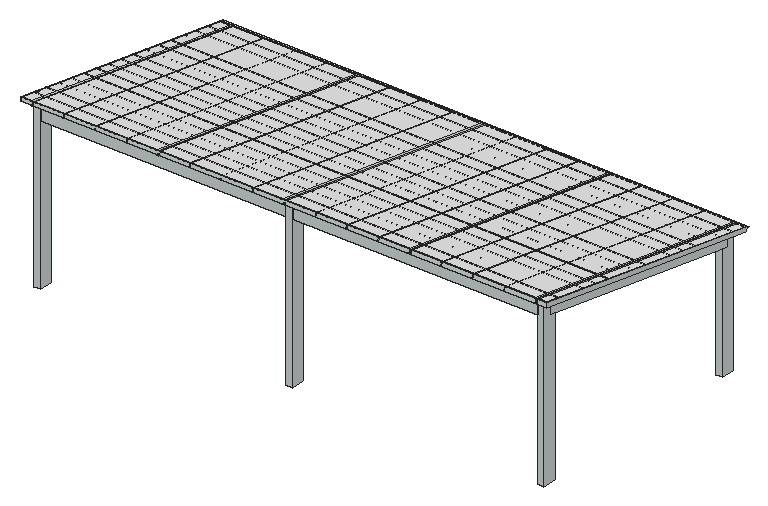
Revit family "Structures Unlimited Free Standing Shed Canopy", category Generic Models, Revit 2018
Family settings
  Can host rebar = No
  Round Connector Dimension = Use Diameter
  Part Type = Normal
  Work Plane-Based = No
  Always vertical = Yes
  Cut with Voids When Loaded = No
  Shared = Yes
  Room Calculation Point = No
Parameters (values of type "KCRF Aluminum #79")
  Real Out To Out Of Box Beams Length [instance] = if(Out To Out Of Box Beams Length < 10' 0", 10' 0", if(Out To Out Of Box Beams Length > 200' 0", 200' 0", Out To Out Of Box Beams Length))  # 32' - 5"
  Out To Out Of Box Beams Span [instance] = 15' - 0"
  Vertical PD [instance] = (Real Out To Out Of Box Beams Span + 0' 10") / cos(Real Roof Pitch)  # 16' - 0.61951"
  URL = "https://www.structuresunlimitedinc.com/sui-3d-details/sui-shed-canopy-wide-column-spacing/"
  Top Girder Offset [instance] = (Real Out To Out Of Box Beams Span - Beam Width) * tan(Real Roof Pitch)  # 2' - 5.15938"
  Roof Pitch [instance] = 9.46°
  Real Out To Out Of Box Beams Span [instance] = if(Out To Out Of Box Beams Span < 10' 0", 10' 0", if(Out To Out Of Box Beams Span > 30' 0", 30' 0", Out To Out Of Box Beams Span))  # 15' - 0"
  Real Roof Pitch [instance] = if(Roof Pitch < 9.46°, 9.46°, if(Roof Pitch > 45.00°, 45.00°, Roof Pitch))  # 9.46°
  Real Column Height [instance] = if(Column Height < 2' 0", 2' 0", if(Column Height > 12' 0", 12' 0", Column Height))  # 8' - 0"
  Center To Center Of Beams [instance] = Real Out To Out Of Box Beams Length - Beam Width  # 32' - 0"
  Panel Offset [instance] = 0' 5" / cos(Real Roof Pitch)  # 0' - 5.06893"
  Outside Of Column [instance] = Beam Height / 2  # 0' - 5"
  Out To Out Of Box Beams Length [instance] = 32' - 5"
  Number Of Intmdt Rafters [instance] = if(Column Spacing = Bay Spacing, Number Of Columns, Number Of Columns * 2 - 1)  # 5
  Number Of Columns [instance] = if((Center To Center Of Beams / Real Nominal Column Spacing) > 1, roundup(Center To Center Of Beams / Real Nominal Column Spacing) + 1, 2)  # 3
  Number Of Bays [instance] = Number Of Intmdt Rafters - 1  # 4
  Real Nominal Column Spacing [instance] = if(Nominal Column Spacing < 5' 0", 5' 0", if(Nominal Column Spacing > 20' 0", 20' 0", Nominal Column Spacing))  # 16' - 0"
  Nominal Column Spacing [instance] = 16' - 0"
  Model = "Free Standing Shed Canopy"
  Manufacturer = "Structures Unlimited, Inc."
  KCRF = KCRF Aluminum #79
  Horizontal PD [instance] = Center To Center Of Beams + Beam Width + 1' 0"  # 33' - 5"
  Horizontal Grid Spacing [instance] = Bay Spacing / Grids Per Bay  # 2' - 0"
  Grids Per Bay [instance] = Bay Spacing / 2' 0"  # 4
  Girder Length [instance] = Center To Center Of Beams - Beam Width  # 31' - 7"
  Even Number Of Horizontal Grids Real [instance] = if(Even Number Of Bays, Even Number Of Bays, Even Number Of Horizontal Grids)  # yes
  Even Number Of Horizontal Grids [instance] = roundup(Grids Per Bay / 2) = rounddown(Grids Per Bay / 2)  # yes
  Even Number Of Bays [instance] = roundup(Number Of Bays / 2) = rounddown(Number Of Bays / 2)  # yes
  Column Spacing [instance] = Center To Center Of Beams / (Number Of Columns - 1)  # 16' - 0"
  Column Height [instance] = 8' - 0"
  Center Of Canopy [instance] = Center To Center Of Beams / 2  # 16' - 0"
  Beam Width [instance] = 0' - 5"  # constant formula
  Beam Height [instance] = 0' - 10"  # constant formula
  Bay Spacing [instance] = if(Column Spacing > 10' 0", Column Spacing * 0.5, Column Spacing)  # 8' - 0"
Reference planes (in)
  plane 1 "Center (Front/Back)": y = 0
  plane 2: z = 0
  plane 3 "Center (Left/Right)": x = 0
  plane 4: z = 0
  plane 5: z = 96
  plane 6: x = 192
  plane 7: y = 5
  plane 8: y = -175
  plane 9 "Roof Plane": through (0, 515.17994, 136.8903) normal (0, 0.1644, 0.9864)
  plane 10: y = -170
  plane 11: z = 125.15938
Lines and regions (in)
  reference lines
    curve 1: line (0, 5, 96) -> (0, -175, 125.9925)
    curve 2: line (0, 5, 96) -> (0, -38.39078, -164.40975)
    curve 3: line (0, 12.07993, 107.64957) -> (0, -59.90932, -324.39389)
Dimensions and locks (in)
  "Real Column Height": plane 5 to plane 4
  "Center Of Canopy": plane 3 "Center (Left/Right)" to plane 6
  "Outside Of Column": plane 1 "Center (Front/Back)" to plane 7
  "Real Out To Out Of Box Beams Span": plane 7 to plane 8
  locked: curve 1 to plane 5
  locked: plane 7 to curve 1 at 0
  locked: plane 8 to curve 1 at 0
  "Outside Of Column": plane 8 to plane 10
  "Top Girder Offset": plane 11 to plane 5
  "Panel Offset": curve 3 to curve 2
  "Real Roof Pitch": angle plane 5 to curve 1
  "Real Roof Pitch": angle plane 2 to plane 9 "Roof Plane"
  "Real Roof Pitch": angle plane 7 to curve 2
  "Real Roof Pitch": angle plane 7 to curve 3
  aligned and locked: plane 2 to level
  aligned and locked: plane 6 to nested 1
  aligned and locked: nested 2 to plane 6
  aligned and locked: plane 11 to nested 2
  aligned and locked: plane 7 to nested 1
  aligned and locked: nested 2 to plane 8
  aligned and locked: plane 5 to nested 1
  aligned and locked: curve 3 to nested 3
  aligned and locked: nested 3 to curve 1
  aligned and locked: nested 3 to plane 6
  aligned and locked: nested 4 to plane 3 "Center (Left/Right)"
  aligned and locked: plane 1 "Center (Front/Back)" to nested 4
  aligned and locked: plane 4 to nested 4
  aligned and locked: nested 5 to plane 3 "Center (Left/Right)"
  aligned and locked: plane 1 "Center (Front/Back)" to nested 5
  aligned and locked: nested 5 to plane 4
  aligned and locked: plane 4 to plane 2
Automatic sketch dimensions
  curve 3 to plane 11 = 1' - 5.50981"
Nested families (in)
  nested 1: "Free Standing Shed Canopy Girder" at (192, 2.5, 86), Beam Height <- "Beam Height", Beam Width <- "Beam Width", CRF <- "KCRF", Girder Length <- "Girder Length", type "Free Standing Shed Canopy Girder"
    with Girder Length 31' - 7", CRF KCRF Aluminum #79, Beam Width 0' - 5", Beam Height 0' - 10"
  nested 2: "Free Standing Shed Canopy Girder" at (192, -172.5, 115.15938), Beam Width <- "Beam Width", Beam Height <- "Beam Height", CRF <- "KCRF", Girder Length <- "Girder Length", type "Free Standing Shed Canopy Girder"
    with Girder Length 31' - 7", CRF KCRF Aluminum #79, Beam Width 0' - 5", Beam Height 0' - 10"
  nested 3: "Free Standing Shed Canopy Panels" at (192, 10, 95.16687) x (-1, 0, 0) z (0, 0.1644, 0.9864), CRF <- "KCRF", Bay Spacing <- "Bay Spacing", Horizontal PD <- "Horizontal PD", Vertical PD <- "Vertical PD", Even Bays <- "Even Number Of Bays", Horizontal Grid Spacing <- "Horizontal Grid Spacing", Even Grids <- "Even Number Of Horizontal Grids Real", type "Free Standing Shed Canopy Panels"
    with Vertical PD 16' - 0.61951", Vertical Grid Spacing 1' - 0", Panel Skin Thickness 0' - 0.063", Panel Angle 90.00°, Overlap Width 0' - 1 3/4", Overlap Offset 0' - 0 7/8", IBeam Width 0' - 0 1/2", IBeam Thickness 0' - 2 5/8", Horizontal PD 33' - 5", Horizontal Grid Spacing 2' - 0", Half IBeam Width 0' - 0 1/4", Half Horizontal PD 16' - 8 1/2", Grid Offset 0' - 0", Even Grids yes, Even Bays yes, CRF KCRF Aluminum #79, Bay Spacing 8' - 0", Batten Width 0' - 2", Batten Thickness 0' - 0 1/8", Batten Offset 0' - 0"
  nested 4: "Free Standing Shed Canopy Column" at (0, 0, 0) x (0, -1, 0) z (0, 0, 1), CRF <- "KCRF", Beam Height <- "Beam Height", Beam Width <- "Beam Width", CTR To CTR Of Beams <- "Center To Center Of Beams", Column Height <- "Real Column Height", Column Spacing <- "Column Spacing", Roof Pitch <- "Real Roof Pitch", Width Of Canopy <- "Real Out To Out Of Box Beams Span", type "Free Standing Shed Canopy Column"
    with Width Of Canopy 15' - 0", Void Width 15' - 7", Void Offset 8' - 0", Roof Pitch 9.46°, Half Beam Width 0' - 2 1/2", Half Beam Height 0' - 5", Column Spacing 16' - 0", Column Height 8' - 0", CTR To CTR Of Beams 32' - 0", CRF KCRF Aluminum #79, Beam Width 0' - 5", Beam Height 0' - 10"
  nested 5: "Free Standing Shed Canopy Rafter" at (0, 0, 0) x (0, -1, 0) z (0, 0, 1), CRF <- "KCRF", Beam Height <- "Beam Height", Beam Width <- "Beam Width", CTR To CTR Of Beams <- "Center To Center Of Beams", Column Height <- "Real Column Height", Column Spacing <- "Bay Spacing", Roof Pitch <- "Real Roof Pitch", Width Of Canopy <- "Real Out To Out Of Box Beams Span", type "Free Standing Shed Canopy Rafter"
    with Width Of Canopy 15' - 0", Void Width 7' - 7", Void Offset 4' - 0", Roof Pitch 9.46°, Half Beam Width 0' - 2 1/2", Half Beam Height 0' - 5", Column Spacing 8' - 0", Column Height 8' - 0", CTR To CTR Of Beams 32' - 0", CRF KCRF Aluminum #79, Beam Width 0' - 5", Beam Height 0' - 10"
Definition of nested family "Free Standing Shed Canopy Girder"
  Parameters (values of type "Free Standing Shed Canopy Girder")
    Girder Length [instance] = 17' - 1"
    CRF [instance] = none
    Beam Width [instance] = 0' - 5"
    Beam Height [instance] = 0' - 10"
  Reference planes (in)
    plane 1 "Center (Front/Back)": y = 0
    plane 2: z = 0
    plane 3 "Center (Left/Right)": x = 0
    plane 4: x = -102.5
    plane 5: x = 102.5
    plane 6: y = -2.5
    plane 7: y = 2.5
    plane 8: z = 10
  Forms (in)
    Extrusion 1, solid, material <- "CRF"
      sketch origin (0, 0, 0) x (0, 1, 0) y (0, 0, 1)
        loop
          line (2.5, 10) -> (-2.5, 10) -> (-2.5, 0) -> (2.5, 0) -> (2.5, 10)
      from -102.5 to 102.5
  Dimensions and locks (in)
    equal spacing: plane 7, plane 1 "Center (Front/Back)", plane 6
    equal spacing: plane 4, plane 3 "Center (Left/Right)", plane 5
    "Beam Width": plane 7 to plane 6
    "Girder Length": plane 4 to plane 5
    "Beam Height": plane 8 to plane 2
    aligned and locked: level to plane 2
    aligned and locked: Extrusion 1 sketch curve to plane 8
    aligned and locked: plane 6 to Extrusion 1 sketch curve
    aligned and locked: Extrusion 1 sketch curve to plane 7
    aligned and locked: plane 2 to Extrusion 1 sketch curve
    aligned and locked: Extrusion 1 to plane 4
    aligned and locked: plane 5 to Extrusion 1
Definition of nested family "Free Standing Shed Canopy Panels"
  Parameters (values of type "Free Standing Shed Canopy Panels")
    Vertical PD [instance] = 14' - 7"
    Vertical Grid Spacing [instance] = 1' - 0"  # constant formula
    Panel Skin Thickness [instance] = 0' - 0.063"  # constant formula
    Panel Angle [instance] = 90.00°
    Overlap Width [instance] = 0' - 1 3/4"  # constant formula
    Overlap Offset [instance] = Overlap Width / 2  # 0' - 0 7/8"
    IBeam Width [instance] = 0' - 0 1/2"  # constant formula
    IBeam Thickness [instance] = 0' - 2 5/8"  # constant formula
    Horizontal PD [instance] = 16' - 8"
    Horizontal Grid Spacing [instance] = 2' - 0"
    Half IBeam Width [instance] = IBeam Width / 2  # 0' - 0 1/4"
    Half Horizontal PD [instance] = Horizontal PD / 2  # 8' - 4"
    Grid Offset [instance] = if(Even Grids, 0' 0", Horizontal Grid Spacing / 2)  # 1' - 0"
    Even Grids [instance] = no
    Even Bays [instance] = no
    Default Elevation = 4' - 0"
    CRF [instance] = none
    Bay Spacing [instance] = 8' - 0"
    Batten Width [instance] = 0' - 2"  # constant formula
    Batten Thickness [instance] = 0' - 0 1/8"  # constant formula
    Batten Offset [instance] = if(Even Bays, 0' 0", Bay Spacing / 2)  # 4' - 0"
  Reference planes (in)
    plane 1 "Center (Front/Back)": y = 0
    plane 2: z = 0
    plane 3 "Center (Left/Right)": x = 0
    plane 4 "Left Panel": x = -100
    plane 5 "Right Panel": x = 100
    plane 6: z = 0.063
    plane 7: z = 2.688
    plane 8: z = 2.751
    plane 9: y = -1.75
    plane 10 "Left Outside": x = -2000
    plane 11 "Right Outside": x = 2000
    plane 12: y = 0.25
    plane 13 "Max Top PD": y = 1080
    plane 14 "Max Left PD": x = -1976
    plane 15 "Max Right PD": x = 1976
    plane 16 "Top Outside": y = 1104
    plane 17: x = -36
    plane 18: x = -60
    plane 19: x = -84
    plane 20: x = -108
    plane 21: x = -132
    plane 22: x = -156
    plane 23: x = -180
    plane 24: x = -204
    plane 25: x = 12
    plane 26: x = 36
    plane 27: x = 60
    plane 28: x = 84
    plane 29: x = 108
    plane 30: x = 132
    plane 31: x = 156
    plane 32: x = 180
    plane 33: x = 204
    plane 34: x = -228
    plane 35: x = -252
    plane 36: x = 228
    plane 37: x = -276
    plane 38: x = -300
    plane 39: x = -324
    plane 40: x = -348
    plane 41: x = -372
    plane 42: x = -396
    plane 43: x = -420
    plane 44: x = 252
    plane 45: x = 276
    plane 46: x = 300
    plane 47: x = 324
    plane 48: x = 348
    plane 49: x = 372
    plane 50: x = 396
    plane 51: y = 12.25
    plane 52: y = 24.25
    plane 53: y = 36.25
    plane 54: y = 48.25
    plane 55: y = 60.25
    plane 56: y = 72.25
    plane 57: y = 84.25
    plane 58: y = 96.25
    plane 59: y = 108.25
    plane 60: z = 2.876
    plane 61: z = -0.125
    plane 62 "Bot Max": y = -36
    plane 63 "Bot Outside": y = -48
    plane 64: x = -444
    plane 65: x = -468
    plane 66: x = 420
    plane 67: x = 444
    plane 68: y = 120.25
    plane 69: y = 132.25
    plane 70: y = 144.25
    plane 71: y = 156.25
    plane 72: y = 168.25
    plane 73: y = 180.25
    plane 74: y = 192.25
    plane 75: y = 204.25
    plane 76: y = 216.25
    plane 77: y = 228.25
    plane 78: y = 240.25
    plane 79: y = 252.25
    plane 80: y = 264.25
    plane 81: y = 276.25
    plane 82: y = 288.25
    plane 83: y = 300.25
    plane 84: y = 312.25
    plane 85: y = 324.25
    plane 86: y = 336.25
    plane 87: y = 348.25
    plane 88: y = 360.25
    plane 89: y = 372.25
    plane 90: y = 384.25
    plane 91: y = 396.25
    plane 92: y = 408.25
    plane 93: y = 420.25
    plane 94: y = 432.25
    plane 95: y = 444.25
    plane 96: y = 456.25
    plane 97: y = 468.25
    plane 98: y = 480.25
    plane 99: y = 492.25
    plane 100: y = 504.25
    plane 101: y = 516.25
    plane 102: y = 528.25
    plane 103: x = -492
    plane 104: x = -516
    plane 105: x = -540
    plane 106: x = -564
    plane 107: x = -588
    plane 108: x = -612
    plane 109: x = -636
    plane 110: x = -660
    plane 111: x = -684
    plane 112: x = -708
    plane 113: x = -732
    plane 114: x = -756
    plane 115: x = 468
    plane 116: x = 492
    plane 117: x = 540
    plane 118: x = 516
    plane 119: x = 564
    plane 120: x = 588
    plane 121: x = 636
    plane 122: x = 612
    plane 123: x = 660
    plane 124: x = 684
    plane 125: x = 708
    plane 126: x = 732
    plane 127: y = 540.25
    plane 128: y = 552.25
    plane 129: y = 564.25
    plane 130: y = 576.25
    plane 131: y = 588.25
    plane 132: y = 600.25
    plane 133: y = 612.25
    plane 134: y = 624.25
    plane 135: y = 636.25
    plane 136: y = 648.25
    plane 137: y = 660.25
    plane 138: y = 684.25
    plane 139: y = 696.25
    plane 140: y = 672.25
    plane 141: y = 708.25
    plane 142: y = 720.25
    plane 143: y = 744.25
    plane 144: y = 732.25
    plane 145: y = 768.25
    plane 146: y = 756.25
    plane 147: y = 780.25
    plane 148: y = 804.25
    plane 149: y = 792.25
    plane 150: y = 816.25
    plane 151: y = 828.25
    plane 152: y = 840.25
    plane 153: y = 852.25
    plane 154: y = 864.25
    plane 155: y = 876.25
    plane 156: y = 888.25
    plane 157: y = 900.25
    plane 158: y = 912.25
    plane 159: y = 936.25
    plane 160: y = 948.25
    plane 161: y = 960.25
    plane 162: y = 924.25
    plane 163: x = -780
    plane 164: x = -804
    plane 165: x = -828
    plane 166: x = -852
    plane 167: x = -876
    plane 168: x = -900
    plane 169: x = -924
    plane 170: x = -948
    plane 171: x = -972
    plane 172: x = 756
    plane 173: x = 780
    plane 174: x = 804
    plane 175: x = 828
    plane 176: x = 852
    plane 177: x = 876
    plane 178: x = 900
    plane 179: x = 924
    plane 180: x = 948
    plane 181: x = -996
    plane 182: x = -1020
    plane 183: x = -1044
    plane 184: x = -1068
    plane 185: x = 972
    plane 186: x = 996
    plane 187: x = 1020
    plane 188: x = 1044
    plane 189: x = -1092
    plane 190: x = -1116
    plane 191: x = -1140
    plane 192: x = -1164
    plane 193: x = 1068
    plane 194: x = 1092
    plane 195: x = 1116
    plane 196: x = 1140
    plane 197: x = -1188
    plane 198: x = -1212
    plane 199: x = -1236
    plane 200: x = 1188
    plane 201: x = 1164
    plane 202: x = 1212
    plane 203: y = 175.25
    plane 204: x = -1200
    plane 205: x = -1104
    plane 206: x = -1008
    plane 207: x = -912
    plane 208: x = -816
    plane 209: x = -720
    plane 210: x = -624
    plane 211: x = -528
    plane 212: x = -432
    plane 213: x = -336
    plane 214: x = -240
    plane 215: x = -144
    plane 216: x = -48
    plane 217: x = 48
    plane 218: x = 144
    plane 219: x = 240
    plane 220: x = 336
    plane 221: x = 432
    plane 222: x = 528
    plane 223: x = 624
    plane 224: x = 720
    plane 225: x = 816
    plane 226: x = 912
    plane 227: x = 1008
    plane 228: x = 1104
    plane 229: x = 1200
    plane 230: x = -12
  Forms (in)
    Extrusion 1, solid
      sketch origin (0, 0, 0) x (1, 0, 0) y (0, 1, 0)
        loop
          line (1976, 0) -> (1976, 1080) -> (-1976, 1080) -> (-1976, 0) -> (1976, 0)
      from 0.063 to 0
    Extrusion 2, solid
      sketch origin (0, 0, 0) x (1, 0, 0) y (0, 1, 0)
        loop
          line (1976, -1.75) -> (1976, 1080) -> (-1976, 1080) -> (-1976, -1.75) -> (1976, -1.75)
      from 2.688 to 2.751
    Sweep 3, solid
      path origin (0, 0, 0) x (1, 0, 0) y (0, 1, 0)
        loop
          line (1976, 1080) -> (1976, 0.25) -> (1212, 0.25) -> (1212, 1080) -> (1188, 1080) -> (1188, 0.25) -> (1164, 0.25) -> (1164, 1080) -> (1140, 1080) -> (1140, 0.25) -> (1116, 0.25) -> (1116, 1080) -> (1092, 1080) -> (1092, 0.25) -> (1068, 0.25) -> (1068, 1080) -> (1044, 1080) -> (1044, 0.25) -> (1020, 0.25) -> (1020, 1080) -> (996, 1080) -> (996, 0.25) -> (972, 0.25) -> (972, 1080) -> (948, 1080) -> (948, 0.25) -> (924, 0.25) -> (924, 1080) -> (900, 1080) -> (900, 0.25) -> (876, 0.25) -> (876, 1080) -> (852, 1080) -> (852, 0.25) -> (828, 0.25) -> (828, 1080) -> (804, 1080) -> (804, 0.25) -> (780, 0.25) -> (780, 1080) -> (756, 1080) -> (756, 0.25) -> (732, 0.25) -> (732, 1080) -> (708, 1080) -> (708, 0.25) -> (684, 0.25) -> (684, 1080) -> (660, 1080) -> (660, 0.25) -> (636, 0.25) -> (636, 1080) -> (612, 1080) -> (612, 0.25) -> (588, 0.25) -> (588, 1080) -> (564, 1080) -> (564, 0.25) -> (540, 0.25) -> (540, 1080) -> (516, 1080) -> (516, 0.25) -> (492, 0.25) -> (492, 1080) -> (468, 1080) -> (468, 0.25) -> (444, 0.25) -> (444, 1080) -> (420, 1080) -> (420, 0.25) -> (396, 0.25) -> (396, 1080) -> (372, 1080) -> (372, 0.25) -> (348, 0.25) -> (348, 1080) -> (324, 1080) -> (324, 0.25) -> (300, 0.25) -> (300, 1080) -> (276, 1080) -> (276, 0.25) -> (252, 0.25) -> (252, 1080) -> (228, 1080) -> (228, 0.25) -> (204, 0.25) -> (204, 1080) -> (180, 1080) -> (180, 0.25) -> (156, 0.25) -> (156, 1080) -> (132, 1080) -> (132, 0.25) -> (108, 0.25) -> (108, 1080) -> (84, 1080) -> (84, 0.25) -> (60, 0.25) -> (60, 1080) -> (36, 1080) -> (36, 0.25) -> (12, 0.25) -> (12, 1080) -> (-12, 1080) -> (-12, 0.25) -> (-36, 0.25) -> (-36, 1080) -> (-60, 1080) -> (-60, 0.25) -> (-84, 0.25) -> (-84, 1080) -> (-108, 1080) -> (-108, 0.25) -> (-132, 0.25) -> (-132, 1080) -> (-156, 1080) -> (-156, 0.25) -> (-180, 0.25) -> (-180, 1080) -> (-204, 1080) -> (-204, 0.25) -> (-228, 0.25) -> (-228, 1080) -> (-252, 1080) -> (-252, 0.25) -> (-276, 0.25) -> (-276, 1080) -> (-300, 1080) -> (-300, 0.25) -> (-324, 0.25) -> (-324, 1080) -> (-348, 1080) -> (-348, 0.25) -> (-372, 0.25) -> (-372, 1080) -> (-396, 1080) -> (-396, 0.25) -> (-420, 0.25) -> (-420, 1080) -> (-444, 1080) -> (-444, 0.25) -> (-468, 0.25) -> (-468, 1080) -> (-492, 1080) -> (-492, 0.25) -> (-516, 0.25) -> (-516, 1080) -> (-540, 1080) -> (-540, 0.25) -> (-564, 0.25) -> (-564, 1080) -> (-588, 1080) -> (-588, 0.25) -> (-612, 0.25) -> (-612, 1080) -> (-636, 1080) -> (-636, 0.25) -> (-660, 0.25) -> (-660, 1080) -> (-684, 1080) -> (-684, 0.25) -> (-708, 0.25) -> (-708, 1080) -> (-732, 1080) -> (-732, 0.25) -> (-756, 0.25) -> (-756, 1080) -> (-780, 1080) -> (-780, 0.25) -> (-804, 0.25) -> (-804, 1080) -> (-828, 1080) -> (-828, 0.25) -> (-852, 0.25) -> (-852, 1080) -> (-876, 1080) -> (-876, 0.25) -> (-900, 0.25) -> (-900, 1080) -> (-924, 1080) -> (-924, 0.25) -> (-948, 0.25) -> (-948, 1080) -> (-972, 1080) -> (-972, 0.25) -> (-996, 0.25) -> (-996, 1080) -> (-1020, 1080) -> (-1020, 0.25) -> (-1044, 0.25) -> (-1044, 1080) -> (-1068, 1080) -> (-1068, 0.25) -> (-1092, 0.25) -> (-1092, 1080) -> (-1116, 1080) -> (-1116, 0.25) -> (-1140, 0.25) -> (-1140, 1080) -> (-1164, 1080) -> (-1164, 0.25) -> (-1188, 0.25) -> (-1188, 1080) -> (-1212, 1080) -> (-1212, 0.25) -> (-1236, 0.25) -> (-1236, 1080) -> (-1976, 1080) -> (-1976, 0.25)
      profile origin (-1976, 540.125, 0) x (1, 0, 0) y (0, 0, 1)
        loop
          line (0.25, 0.063) -> (0.25, 2.688) -> (-0.25, 2.688) -> (-0.25, 0.063) -> (0.25, 0.063)
    Sweep 4, solid
      path origin (0, 0, 0) x (1, 0, 0) y (0, 1, 0)
        loop
          line (1976, 1080) -> (-1976, 1080) -> (-1976, 960.25) -> (1976, 960.25) -> (1976, 948.25) -> (-1976, 948.25) -> (-1976, 936.25) -> (1976, 936.25) -> (1976, 924.25) -> (-1976, 924.25) -> (-1976, 912.25) -> (1976, 912.25) -> (1976, 900.25) -> (-1976, 900.25) -> (-1976, 888.25) -> (1976, 888.25) -> (1976, 876.25) -> (-1976, 876.25) -> (-1976, 864.25) -> (1976, 864.25) -> (1976, 852.25) -> (-1976, 852.25) -> (-1976, 840.25) -> (1976, 840.25) -> (1976, 828.25) -> (-1976, 828.25) -> (-1976, 816.25) -> (1976, 816.25) -> (1976, 804.25) -> (-1976, 804.25) -> (-1976, 792.25) -> (1976, 792.25) -> (1976, 780.25) -> (-1976, 780.25) -> (-1976, 768.25) -> (1976, 768.25) -> (1976, 756.25) -> (-1976, 756.25) -> (-1976, 744.25) -> (1976, 744.25) -> (1976, 732.25) -> (-1976, 732.25) -> (-1976, 720.25) -> (1976, 720.25) -> (1976, 708.25) -> (-1976, 708.25) -> (-1976, 696.25) -> (1976, 696.25) -> (1976, 684.25) -> (-1976, 684.25) -> (-1976, 672.25) -> (1976, 672.25) -> (1976, 660.25) -> (-1976, 660.25) -> (-1976, 648.25) -> (1976, 648.25) -> (1976, 636.25) -> (-1976, 636.25) -> (-1976, 624.25) -> (1976, 624.25) -> (1976, 612.25) -> (-1976, 612.25) -> (-1976, 600.25) -> (1976, 600.25) -> (1976, 588.25) -> (-1976, 588.25) -> (-1976, 576.25) -> (1976, 576.25) -> (1976, 564.25) -> (-1976, 564.25) -> (-1976, 552.25) -> (1976, 552.25) -> (1976, 540.25) -> (-1976, 540.25) -> (-1976, 528.25) -> (1976, 528.25) -> (1976, 516.25) -> (-1976, 516.25) -> (-1976, 504.25) -> (1976, 504.25) -> (1976, 492.25) -> (-1976, 492.25) -> (-1976, 480.25) -> (1976, 480.25) -> (1976, 468.25) -> (-1976, 468.25) -> (-1976, 456.25) -> (1976, 456.25) -> (1976, 444.25) -> (-1976, 444.25) -> (-1976, 432.25) -> (1976, 432.25) -> (1976, 420.25) -> (-1976, 420.25) -> (-1976, 408.25) -> (1976, 408.25) -> (1976, 396.25) -> (-1976, 396.25) -> (-1976, 384.25) -> (1976, 384.25) -> (1976, 372.25) -> (-1976, 372.25) -> (-1976, 360.25) -> (1976, 360.25) -> (1976, 348.25) -> (-1976, 348.25) -> (-1976, 336.25) -> (1976, 336.25) -> (1976, 324.25) -> (-1976, 324.25) -> (-1976, 312.25) -> (1976, 312.25) -> (1976, 300.25) -> (-1976, 300.25) -> (-1976, 288.25) -> (1976, 288.25) -> (1976, 276.25) -> (-1976, 276.25) -> (-1976, 264.25) -> (1976, 264.25) -> (1976, 252.25) -> (-1976, 252.25) -> (-1976, 240.25) -> (1976, 240.25) -> (1976, 228.25) -> (-1976, 228.25) -> (-1976, 216.25) -> (1976, 216.25) -> (1976, 204.25) -> (-1976, 204.25) -> (-1976, 192.25) -> (1976, 192.25) -> (1976, 180.25) -> (-1976, 180.25) -> (-1976, 168.25) -> (1976, 168.25) -> (1976, 156.25) -> (-1976, 156.25) -> (-1976, 144.25) -> (1976, 144.25) -> (1976, 132.25) -> (-1976, 132.25) -> (-1976, 120.25) -> (1976, 120.25) -> (1976, 108.25) -> (-1976, 108.25) -> (-1976, 96.25) -> (1976, 96.25) -> (1976, 84.25) -> (-1976, 84.25) -> (-1976, 72.25) -> (1976, 72.25) -> (1976, 60.25) -> (-1976, 60.25) -> (-1976, 48.25) -> (1976, 48.25) -> (1976, 36.25) -> (-1976, 36.25) -> (-1976, 24.25) -> (1976, 24.25) -> (1976, 12.25) -> (-1976, 12.25) -> (-1976, 0.25) -> (1976, 0.25)
      profile origin (0, 0.25, 0) x (0, 1, 0) y (0, 0, 1)
        loop
          line (-0.25, 2.688) -> (-0.25, 0.063) -> (0.25, 0.063) -> (0.25, 2.688) -> (-0.25, 2.688)
    Extrusion 5, void
      sketch origin (0, 0, 0) x (1, 0, 0) y (0, 1, 0)
        loop
          line (-100, -1.75) -> (-100, 175.25) -> (100, 175.25) -> (100, -1.75) -> (2000, -1.75) -> (2000, 1104) -> (-2000, 1104) -> (-2000, -1.75) -> (-100, -1.75)
      from -0.125 to 2.876
    Extrusion 6, void
      sketch origin (0, 0, 0) x (1, 0, 0) y (0, 1, 0)
        loop
          line (-2000, -48) -> (2000, -48) -> (2000, 0) -> (-2000, 0) -> (-2000, -48)
      from -0.125 to 2.876
    Sweep 7, solid, material <- "CRF"
      path origin (0, 0, 0) x (1, 0, 0) y (0, 1, 0)
        loop
          line (1976, 1079.125) -> (-1976, 1079.125) -> (-1976, 959.375) -> (1976, 959.375) -> (1976, 899.375) -> (-1976, 899.375) -> (-1976, 839.375) -> (1976, 839.375) -> (1976, 779.375) -> (-1976, 779.375) -> (-1976, 719.375) -> (1976, 719.375) -> (1976, 659.375) -> (-1976, 659.375) -> (-1976, 599.375) -> (1976, 599.375) -> (1976, 539.375) -> (-1976, 539.375) -> (-1976, 479.375) -> (1976, 479.375) -> (1976, 419.375) -> (-1976, 419.375) -> (-1976, 359.375) -> (1976, 359.375) -> (1976, 299.375) -> (-1976, 299.375) -> (-1976, 239.375) -> (1976, 239.375) -> (1976, 179.375) -> (-1976, 179.375) -> (-1976, 119.375) -> (1976, 119.375) -> (1976, 59.375) -> (-1976, 59.375)
      profile origin (0, 59.375, 0) x (0, -1, 0) y (0, 0, 1)
        loop
          line (-0.875, 2.688) -> (-0.875, -0.125) -> (0.875, -0.125) -> (0.875, 2.688) -> (-0.875, 2.688)
    Sweep 8, solid, material <- "CRF"
      path origin (0, 0, 0) x (1, 0, 0) y (0, 1, 0)
        loop
          line (1976, -36) -> (1976, 1080) -> (1200, 1080) -> (1200, -36) -> (1104, -36) -> (1104, 1080) -> (1008, 1080) -> (1008, -36) -> (912, -36) -> (912, 1080) -> (816, 1080) -> (816, -36) -> (720, -36) -> (720, 1080) -> (624, 1080) -> (624, -36) -> (528, -36) -> (528, 1080) -> (432, 1080) -> (432, -36) -> (336, -36) -> (336, 1080) -> (240, 1080) -> (240, -36) -> (144, -36) -> (144, 1080) -> (48, 1080) -> (48, -36) -> (-48, -36) -> (-48, 1080) -> (-144, 1080) -> (-144, -36) -> (-240, -36) -> (-240, 1080) -> (-336, 1080) -> (-336, -36) -> (-432, -36) -> (-432, 1080) -> (-528, 1080) -> (-528, -36) -> (-624, -36) -> (-624, 1080) -> (-720, 1080) -> (-720, -36) -> (-816, -36) -> (-816, 1080) -> (-912, 1080) -> (-912, -36) -> (-1008, -36) -> (-1008, 1080) -> (-1104, 1080) -> (-1104, -36) -> (-1200, -36) -> (-1200, 1080) -> (-1976, 1080) -> (-1976, -36)
      profile origin (-1976, 522, 0) x (1, 0, 0) y (0, 0, 1)
        loop
          line (-1, 2.876) -> (-1, -0.125) -> (1, -0.125) -> (1, 2.876) -> (-1, 2.876)
    Sweep 9, solid, material <- "CRF"
      path origin (0, 0, 0) x (1, 0, 0) y (0, 1, 0)
        loop
          line (100, -0.125) -> (100, 175.25) -> (-100, 175.25) -> (-100, -0.125)
      profile origin (-100, 87.5625, 0) x (1, 0, 0) y (0, 0, 1)
        loop
          line (0.5, -0.125) -> (0.5, 0) -> (0, 0) -> (0, 2.751) -> (0.5, 2.751) -> (0.5, 2.876) -> (-0.125, 2.876) -> (-0.125, -0.125) -> (0.5, -0.125)
    Extrusion 10, solid, material <- "CRF"
      sketch origin (0, 0, 0) x (0, 1, 0) y (0, 0, 1)
        loop
          line (-1.75, 2.563) -> (-0.125, 2.563) -> (-0.125, -0.125) -> (0.5, -0.125) -> (0.5, 0) -> (0, 0) -> (0, 2.688) -> (-1.75, 2.688) -> (-1.75, 2.563)
      from -100 to 100
  Cuts and joins
    Extrusion 5, Extrusion 6 cuts Sweep 4
    Extrusion 5, Extrusion 6 cuts Sweep 3
    Extrusion 5 cuts Extrusion 2
    Extrusion 5, Extrusion 6 cuts Extrusion 1
    Extrusion 5 cuts Sweep 7
    Extrusion 5, Extrusion 6 cuts Sweep 8
  Lines and regions (in)
    reference lines
      curve 1: line (-100, 0, 0) -> (-100, 318, 0)
      curve 2: line (100, 0, 0) -> (100, 456, 0)
  Dimensions and locks (in)
    locked: plane 1 "Center (Front/Back)" to curve 1
    locked: plane 4 "Left Panel" to curve 1
    locked: plane 5 "Right Panel" to curve 2
    locked: plane 1 "Center (Front/Back)" to curve 2 at 0
    "Panel Skin Thickness": plane 6 to plane 2
    "IBeam Thickness": plane 7 to plane 6
    "Panel Skin Thickness": plane 8 to plane 7
    "Half Horizontal PD": plane 4 "Left Panel" to plane 3 "Center (Left/Right)"
    "Half Horizontal PD": plane 3 "Center (Left/Right)" to plane 5 "Right Panel"
    "Overlap Width": plane 1 "Center (Front/Back)" to plane 9
    locked: plane 10 "Left Outside" to plane 3 "Center (Left/Right)" at 2000
    locked: plane 3 "Center (Left/Right)" to plane 11 "Right Outside" at 2000
    "Half IBeam Width": plane 1 "Center (Front/Back)" to plane 12
    locked: plane 1 "Center (Front/Back)" to plane 13 "Max Top PD" at 1080
    equal spacing: Sweep 3 sketch curve, profile plane, Sweep 3 sketch curve
    "IBeam Width": Sweep 3 sketch curve to Sweep 3 sketch curve
    "IBeam Width": Sweep 4 sketch curve to Sweep 4 sketch curve
    equal spacing: Sweep 4 sketch curve, plane 12, Sweep 4 sketch curve
    "Batten Thickness": plane 60 to plane 8
    "Batten Thickness": plane 2 to plane 61
    locked: plane 62 "Bot Max" to plane 1 "Center (Front/Back)" at 36
    locked: plane 63 "Bot Outside" to plane 1 "Center (Front/Back)" at 48
    "Vertical Grid Spacing": plane 102 to plane 101 to plane 100 to plane 99 to plane 98 to plane 97 to plane 96 to plane 95 to plane 94 to plane 93 to plane 92 to plane 91 to plane 90 to plane 89 to plane 88 to plane 87 to plane 86 to plane 85 to plane 84 to plane 83 to plane 82 to plane 81 to plane 80 to plane 79 to plane 78 to plane 77 to plane 76 to plane 75 to plane 74 to plane 73 to plane 72 to plane 71 to plane 70 to plane 69 to plane 68 to plane 59 to plane 58 to plane 57 to plane 56 to plane 55 to plane 54 to plane 53 to plane 52 to plane 51 to plane 12
    "Overlap Offset": Sweep 7 sketch curve to plane 55
    "Overlap Offset": plane 68 to Sweep 7 sketch curve
    "Overlap Offset": plane 73 to Sweep 7 sketch curve
    "Overlap Offset": plane 78 to Sweep 7 sketch curve
    "Overlap Offset": plane 83 to Sweep 7 sketch curve
    "Overlap Offset": Sweep 7 sketch curve to plane 88
    "Overlap Offset": plane 93 to Sweep 7 sketch curve
    "Overlap Offset": Sweep 7 sketch curve to plane 98
    "Overlap Offset": plane 13 "Max Top PD" to Sweep 7 sketch curve
    equal spacing: Sweep 7 sketch curve, profile plane, Sweep 7 sketch curve
    "Overlap Width": Sweep 7 sketch curve to Sweep 7 sketch curve
    locked: plane 10 "Left Outside" to plane 14 "Max Left PD" at 24
    locked: plane 15 "Max Right PD" to plane 11 "Right Outside" at 24
    locked: plane 16 "Top Outside" to plane 13 "Max Top PD" at 24
    "Vertical Grid Spacing": plane 102 to plane 127 to plane 128 to plane 129 to plane 130 to plane 131 to plane 132 to plane 133 to plane 134 to plane 135 to plane 136 to plane 137 to plane 140 to plane 138 to plane 139 to plane 141 to plane 142 to plane 144 to plane 143 to plane 146 to plane 145 to plane 147
    "Vertical Grid Spacing": plane 147 to plane 149 to plane 148 to plane 150 to plane 151 to plane 152 to plane 153 to plane 154 to plane 155 to plane 156 to plane 157 to plane 158 to plane 162 to plane 159 to plane 160 to plane 161
    "Overlap Offset": Sweep 7 sketch curve to plane 127
    "Overlap Offset": plane 132 to Sweep 7 sketch curve
    "Overlap Offset": Sweep 7 sketch curve to plane 137
    "Overlap Offset": Sweep 7 sketch curve to plane 142
    "Overlap Offset": Sweep 7 sketch curve to plane 147
    "Overlap Offset": Sweep 7 sketch curve to plane 152
    "Overlap Offset": plane 157 to Sweep 7 sketch curve
    "Overlap Offset": Sweep 7 sketch curve to plane 161
    "Vertical PD": plane 203 to plane 12
    "Batten Offset": plane 216 to plane 3 "Center (Left/Right)"
    "Bay Spacing": plane 204 to plane 205 to plane 206 to plane 207 to plane 208 to plane 209 to plane 210 to plane 211 to plane 212 to plane 213 to plane 214 to plane 215 to plane 216
    "Bay Spacing": plane 216 to plane 217 to plane 218 to plane 219 to plane 220 to plane 221 to plane 222 to plane 223 to plane 224 to plane 225 to plane 226 to plane 227 to plane 228
    equal spacing: Sweep 8 sketch curve, profile plane, Sweep 8 sketch curve
    "Batten Width": Sweep 8 sketch curve to Sweep 8 sketch curve
    "Bay Spacing": plane 228 to plane 229
    locked: Sweep 9 sketch curve to Sweep 9 sketch curve at 0.125  (x3)
    locked: Sweep 9 sketch curve to Sweep 9 sketch curve at 0.5
    locked: Extrusion 10 sketch curve to Extrusion 10 sketch curve at 0.125  (x3)
    locked: Extrusion 10 sketch curve to Extrusion 10 sketch curve at 0.5
    locked: Sweep 9 sketch curve to plane 1 "Center (Front/Back)" at 0.125  (x2)
    "Grid Offset": plane 230 to plane 3 "Center (Left/Right)"
    "Horizontal Grid Spacing": plane 199 to plane 198 to plane 197 to plane 192 to plane 191 to plane 190 to plane 189 to plane 184 to plane 183 to plane 182 to plane 181 to plane 171 to plane 170 to plane 169 to plane 168 to plane 167 to plane 166 to plane 165 to plane 164 to plane 163 to plane 114 to plane 113 to plane 112 to plane 111 to plane 110 to plane 109 to plane 108 to plane 107 to plane 106 to plane 105 to plane 104 to plane 103 to plane 65 to plane 64 to plane 43 to plane 42 to plane 41 to plane 40 to plane 39 to plane 38 to plane 37 to plane 35 to plane 34 to plane 24 to plane 23 to plane 22 to plane 21 to plane 20 to plane 19 to plane 18 to plane 17 to plane 230
    "Horizontal Grid Spacing": plane 230 to plane 25 to plane 26 to plane 27 to plane 28 to plane 29 to plane 30 to plane 31 to plane 32 to plane 33 to plane 36 to plane 44 to plane 45 to plane 46 to plane 47 to plane 48 to plane 49 to plane 50 to plane 66 to plane 67 to plane 115 to plane 116 to plane 118 to plane 117 to plane 119 to plane 120 to plane 122 to plane 121 to plane 123 to plane 124 to plane 125 to plane 126 to plane 172 to plane 173 to plane 174 to plane 175 to plane 176 to plane 177 to plane 178 to plane 179 to plane 180 to plane 185 to plane 186 to plane 187 to plane 188 to plane 193 to plane 194 to plane 195 to plane 196 to plane 201 to plane 200 to plane 202
    "Panel Angle": angle plane 1 "Center (Front/Back)" to curve 1
    "Panel Angle": angle curve 2 to plane 1 "Center (Front/Back)"
    aligned and locked: level to plane 2
    aligned and locked: Extrusion 1 sketch curve to plane 1 "Center (Front/Back)"
    aligned and locked: plane 2 to Extrusion 1
    aligned and locked: Extrusion 1 to plane 6
    aligned and locked: Extrusion 2 sketch curve to plane 9
    aligned and locked: Extrusion 2 to plane 7
    aligned and locked: Extrusion 2 to plane 8
    aligned and locked: Sweep 3 sketch curve to plane 14 "Max Left PD"
    aligned and locked: Sweep 3 sketch curve to plane 13 "Max Top PD"  (x42)
    aligned and locked: Sweep 3 sketch curve to plane 42
    aligned and locked: Sweep 3 sketch curve to plane 41
    aligned and locked: Sweep 3 sketch curve to plane 40
    aligned and locked: Sweep 3 sketch curve to plane 39
    aligned and locked: Sweep 3 sketch curve to plane 38
    aligned and locked: Sweep 3 sketch curve to plane 37
    aligned and locked: Sweep 3 sketch curve to plane 35
    aligned and locked: Sweep 3 sketch curve to plane 34
    aligned and locked: Sweep 3 sketch curve to plane 24
    aligned and locked: Sweep 3 sketch curve to plane 23
    aligned and locked: Sweep 3 sketch curve to plane 22
    aligned and locked: Sweep 3 sketch curve to plane 21
    aligned and locked: Sweep 3 sketch curve to plane 20
    aligned and locked: Sweep 3 sketch curve to plane 19
    aligned and locked: Sweep 3 sketch curve to plane 18
    aligned and locked: Sweep 3 sketch curve to plane 17
    aligned and locked: Sweep 3 sketch curve to plane 25
    aligned and locked: Sweep 3 sketch curve to plane 26
    aligned and locked: Sweep 3 sketch curve to plane 27
    aligned and locked: Sweep 3 sketch curve to plane 28
    aligned and locked: Sweep 3 sketch curve to plane 29
    aligned and locked: Sweep 3 sketch curve to plane 30
    aligned and locked: Sweep 3 sketch curve to plane 31
    aligned and locked: Sweep 3 sketch curve to plane 32
    aligned and locked: Sweep 3 sketch curve to plane 33
    aligned and locked: Sweep 3 sketch curve to plane 36
    aligned and locked: Sweep 3 sketch curve to plane 44
    aligned and locked: Sweep 3 sketch curve to plane 45
    aligned and locked: Sweep 3 sketch curve to plane 46
    aligned and locked: Sweep 3 sketch curve to plane 47
    aligned and locked: Sweep 3 sketch curve to plane 48
    aligned and locked: Sweep 3 sketch curve to plane 49
    aligned and locked: Sweep 3 sketch curve to plane 50
    aligned and locked: Sweep 3 sketch curve to plane 12  (x42)
    aligned and locked: plane 12 to Sweep 3 sketch curve  (x11)
    aligned and locked: Sweep 3 sketch curve to plane 7
    aligned and locked: plane 6 to Sweep 3 sketch curve
    aligned and locked: Extrusion 2 sketch curve to plane 15 "Max Right PD"
    aligned and locked: plane 14 "Max Left PD" to Extrusion 2 sketch curve
    aligned and locked: Extrusion 2 sketch curve to plane 13 "Max Top PD"
    aligned and locked: plane 13 "Max Top PD" to Extrusion 1 sketch curve
    aligned and locked: Extrusion 1 sketch curve to plane 14 "Max Left PD"
    aligned and locked: Extrusion 1 sketch curve to plane 15 "Max Right PD"
    aligned and locked: Sweep 4 sketch curve to plane 12
    aligned and locked: Sweep 4 sketch curve to plane 51
    aligned and locked: Sweep 4 sketch curve to plane 52
    aligned and locked: Sweep 4 sketch curve to plane 53
    aligned and locked: Sweep 4 sketch curve to plane 54
    aligned and locked: Sweep 4 sketch curve to plane 55
    aligned and locked: Sweep 4 sketch curve to plane 56
    aligned and locked: Sweep 4 sketch curve to plane 57
    aligned and locked: Sweep 4 sketch curve to plane 58
    aligned and locked: Sweep 4 sketch curve to plane 59
    aligned and locked: Sweep 4 sketch curve to plane 13 "Max Top PD"
    aligned and locked: plane 15 "Max Right PD" to Sweep 4 sketch curve
    aligned and locked: plane 14 "Max Left PD" to Sweep 4 sketch curve  (x41)
    aligned and locked: Sweep 4 sketch curve to plane 15 "Max Right PD"  (x41)
    aligned and locked: plane 6 to Sweep 4 sketch curve
    aligned and locked: Sweep 4 sketch curve to plane 7
    aligned and locked: Extrusion 5 sketch curve to plane 16 "Top Outside"
    aligned and locked: plane 9 to Extrusion 5 sketch curve
    aligned and locked: Extrusion 5 sketch curve to plane 9
    aligned and locked: Extrusion 5 sketch curve to curve 1
    aligned and locked: Extrusion 5 sketch curve to curve 2
    aligned and locked: Extrusion 5 sketch curve to plane 11 "Right Outside"
    aligned and locked: plane 10 "Left Outside" to Extrusion 5 sketch curve
    aligned and locked: Extrusion 5 to plane 61
    aligned and locked: Extrusion 5 to plane 60
    aligned and locked: Extrusion 6 sketch curve to plane 1 "Center (Front/Back)"
    aligned and locked: plane 11 "Right Outside" to Extrusion 6 sketch curve
    aligned and locked: Extrusion 6 sketch curve to plane 10 "Left Outside"
    aligned and locked: Extrusion 6 sketch curve to plane 63 "Bot Outside"
    aligned and locked: plane 61 to Extrusion 6
    aligned and locked: plane 60 to Extrusion 6
    aligned and locked: Sweep 3 sketch curve to plane 65
    aligned and locked: Sweep 3 sketch curve to plane 64
    aligned and locked: Sweep 3 sketch curve to plane 43
    aligned and locked: Sweep 3 sketch curve to plane 66
    aligned and locked: Sweep 3 sketch curve to plane 67
    aligned and locked: Sweep 3 sketch curve to plane 15 "Max Right PD"
    aligned and locked: plane 13 "Max Top PD" to Sweep 3 sketch curve  (x11)
    aligned and locked: Sweep 4 sketch curve to plane 68
    aligned and locked: Sweep 4 sketch curve to plane 69
    aligned and locked: Sweep 4 sketch curve to plane 70
    aligned and locked: Sweep 4 sketch curve to plane 71
    aligned and locked: Sweep 4 sketch curve to plane 72
    aligned and locked: Sweep 4 sketch curve to plane 73
    aligned and locked: Sweep 4 sketch curve to plane 74
    aligned and locked: Sweep 4 sketch curve to plane 75
    aligned and locked: Sweep 4 sketch curve to plane 76
    aligned and locked: Sweep 4 sketch curve to plane 77
    aligned and locked: Sweep 4 sketch curve to plane 78
    aligned and locked: Sweep 4 sketch curve to plane 79
    aligned and locked: Sweep 4 sketch curve to plane 80
    aligned and locked: Sweep 4 sketch curve to plane 81
    aligned and locked: Sweep 4 sketch curve to plane 82
    aligned and locked: Sweep 4 sketch curve to plane 83
    aligned and locked: Sweep 4 sketch curve to plane 84
    aligned and locked: Sweep 4 sketch curve to plane 85
    aligned and locked: Sweep 4 sketch curve to plane 86
    aligned and locked: Sweep 4 sketch curve to plane 87
    aligned and locked: Sweep 4 sketch curve to plane 88
    aligned and locked: Sweep 4 sketch curve to plane 89
    aligned and locked: Sweep 4 sketch curve to plane 90
    aligned and locked: Sweep 4 sketch curve to plane 91
    aligned and locked: Sweep 4 sketch curve to plane 92
    aligned and locked: Sweep 4 sketch curve to plane 93
    aligned and locked: Sweep 4 sketch curve to plane 94
    aligned and locked: Sweep 4 sketch curve to plane 95
    aligned and locked: Sweep 4 sketch curve to plane 96
    aligned and locked: Sweep 4 sketch curve to plane 97
    aligned and locked: Sweep 4 sketch curve to plane 98
    aligned and locked: Sweep 4 sketch curve to plane 99
    aligned and locked: Sweep 4 sketch curve to plane 100
    aligned and locked: Sweep 4 sketch curve to plane 101
    aligned and locked: Sweep 4 sketch curve to plane 102
    aligned and locked: plane 14 "Max Left PD" to Sweep 7 sketch curve  (x9)
    aligned and locked: Sweep 7 sketch curve to plane 15 "Max Right PD"  (x9)
    aligned and locked: Sweep 7 sketch curve to plane 7
    aligned and locked: Sweep 7 sketch curve to plane 61
    aligned and locked: Sweep 3 sketch curve to plane 103
    aligned and locked: Sweep 3 sketch curve to plane 104
    aligned and locked: Sweep 3 sketch curve to plane 105
    aligned and locked: Sweep 3 sketch curve to plane 106
    aligned and locked: Sweep 3 sketch curve to plane 107
    aligned and locked: Sweep 3 sketch curve to plane 108
    aligned and locked: Sweep 3 sketch curve to plane 109
    aligned and locked: Sweep 3 sketch curve to plane 110
    aligned and locked: Sweep 3 sketch curve to plane 111
    aligned and locked: Sweep 3 sketch curve to plane 112
    aligned and locked: Sweep 3 sketch curve to plane 113
    aligned and locked: Sweep 3 sketch curve to plane 114
    aligned and locked: Sweep 3 sketch curve to plane 115
    aligned and locked: Sweep 3 sketch curve to plane 116
    aligned and locked: Sweep 3 sketch curve to plane 118
    aligned and locked: Sweep 3 sketch curve to plane 117
    aligned and locked: Sweep 3 sketch curve to plane 119
    aligned and locked: Sweep 3 sketch curve to plane 120
    aligned and locked: Sweep 3 sketch curve to plane 122
    aligned and locked: Sweep 3 sketch curve to plane 121
    aligned and locked: Sweep 3 sketch curve to plane 123
    aligned and locked: Sweep 3 sketch curve to plane 124
    aligned and locked: Sweep 3 sketch curve to plane 125
    aligned and locked: Sweep 3 sketch curve to plane 126
    aligned and locked: Sweep 4 sketch curve to plane 127
    aligned and locked: Sweep 4 sketch curve to plane 128
    aligned and locked: Sweep 4 sketch curve to plane 129
    aligned and locked: Sweep 4 sketch curve to plane 130
    aligned and locked: Sweep 4 sketch curve to plane 131
    aligned and locked: Sweep 4 sketch curve to plane 132
    aligned and locked: Sweep 4 sketch curve to plane 133
    aligned and locked: Sweep 4 sketch curve to plane 134
    aligned and locked: Sweep 4 sketch curve to plane 135
    aligned and locked: Sweep 4 sketch curve to plane 136
    aligned and locked: Sweep 4 sketch curve to plane 137
    aligned and locked: Sweep 4 sketch curve to plane 140
    aligned and locked: Sweep 4 sketch curve to plane 138
    aligned and locked: Sweep 4 sketch curve to plane 139
    aligned and locked: Sweep 4 sketch curve to plane 141
    aligned and locked: Sweep 4 sketch curve to plane 142
    aligned and locked: Sweep 4 sketch curve to plane 144
    aligned and locked: Sweep 4 sketch curve to plane 143
    aligned and locked: Sweep 4 sketch curve to plane 146
    aligned and locked: Sweep 4 sketch curve to plane 145
    aligned and locked: Sweep 4 sketch curve to plane 147
    aligned and locked: Sweep 4 sketch curve to plane 149
    aligned and locked: Sweep 4 sketch curve to plane 148
    aligned and locked: Sweep 4 sketch curve to plane 150
    aligned and locked: Sweep 4 sketch curve to plane 151
    aligned and locked: Sweep 4 sketch curve to plane 152
    aligned and locked: Sweep 4 sketch curve to plane 153
    aligned and locked: Sweep 4 sketch curve to plane 154
    aligned and locked: Sweep 4 sketch curve to plane 155
    aligned and locked: Sweep 4 sketch curve to plane 156
    aligned and locked: Sweep 4 sketch curve to plane 157
    aligned and locked: Sweep 4 sketch curve to plane 158
    aligned and locked: Sweep 4 sketch curve to plane 162
    aligned and locked: Sweep 4 sketch curve to plane 159
    aligned and locked: Sweep 4 sketch curve to plane 160
    aligned and locked: Sweep 4 sketch curve to plane 161
    aligned and locked: Sweep 3 sketch curve to plane 163
    aligned and locked: Sweep 3 sketch curve to plane 164
    aligned and locked: Sweep 3 sketch curve to plane 165
    aligned and locked: Sweep 3 sketch curve to plane 166
    aligned and locked: Sweep 3 sketch curve to plane 167
    aligned and locked: Sweep 3 sketch curve to plane 168
    aligned and locked: Sweep 3 sketch curve to plane 169
    aligned and locked: Sweep 3 sketch curve to plane 170
    aligned and locked: Sweep 3 sketch curve to plane 171
    aligned and locked: Sweep 3 sketch curve to plane 181
    aligned and locked: Sweep 3 sketch curve to plane 182
    aligned and locked: Sweep 3 sketch curve to plane 183
    aligned and locked: Sweep 3 sketch curve to plane 189
    aligned and locked: Sweep 3 sketch curve to plane 190
    aligned and locked: Sweep 3 sketch curve to plane 191
    aligned and locked: Sweep 3 sketch curve to plane 192
    aligned and locked: Sweep 3 sketch curve to plane 197
    aligned and locked: Sweep 3 sketch curve to plane 198
    aligned and locked: Sweep 3 sketch curve to plane 199
    aligned and locked: Sweep 3 sketch curve to plane 184
    aligned and locked: Sweep 3 sketch curve to plane 172
    aligned and locked: Sweep 3 sketch curve to plane 173
    aligned and locked: Sweep 3 sketch curve to plane 174
    aligned and locked: Sweep 3 sketch curve to plane 175
    aligned and locked: Sweep 3 sketch curve to plane 176
    aligned and locked: Sweep 3 sketch curve to plane 177
    aligned and locked: Sweep 3 sketch curve to plane 178
    aligned and locked: Sweep 3 sketch curve to plane 179
    aligned and locked: Sweep 3 sketch curve to plane 180
    aligned and locked: Sweep 3 sketch curve to plane 185
    aligned and locked: Sweep 3 sketch curve to plane 186
    aligned and locked: Sweep 3 sketch curve to plane 187
    aligned and locked: Sweep 3 sketch curve to plane 188
    aligned and locked: Sweep 3 sketch curve to plane 193
    aligned and locked: Sweep 3 sketch curve to plane 194
    aligned and locked: Sweep 3 sketch curve to plane 195
    aligned and locked: Sweep 3 sketch curve to plane 196
    aligned and locked: Sweep 3 sketch curve to plane 201
    aligned and locked: Sweep 3 sketch curve to plane 200
    aligned and locked: Sweep 3 sketch curve to plane 202
    aligned and locked: Extrusion 5 sketch curve to plane 203
    aligned and locked: Sweep 8 sketch curve to plane 14 "Max Left PD"
    aligned and locked: Sweep 8 sketch curve to plane 204
    aligned and locked: Sweep 8 sketch curve to plane 205
    aligned and locked: Sweep 8 sketch curve to plane 206
    aligned and locked: Sweep 8 sketch curve to plane 207
    aligned and locked: Sweep 8 sketch curve to plane 208
    aligned and locked: Sweep 8 sketch curve to plane 209
    aligned and locked: Sweep 8 sketch curve to plane 210
    aligned and locked: Sweep 8 sketch curve to plane 211
    aligned and locked: Sweep 8 sketch curve to plane 62 "Bot Max"  (x10)
    aligned and locked: Sweep 8 sketch curve to plane 13 "Max Top PD"  (x14)
    aligned and locked: Sweep 8 sketch curve to plane 60
    aligned and locked: plane 61 to Sweep 8 sketch curve
    aligned and locked: Sweep 8 sketch curve to plane 212
    aligned and locked: Sweep 8 sketch curve to plane 213
    aligned and locked: Sweep 8 sketch curve to plane 214
    aligned and locked: Sweep 8 sketch curve to plane 215
    aligned and locked: Sweep 8 sketch curve to plane 216
    aligned and locked: Sweep 8 sketch curve to plane 217
    aligned and locked: Sweep 8 sketch curve to plane 218
    aligned and locked: Sweep 8 sketch curve to plane 219
    aligned and locked: Sweep 8 sketch curve to plane 220
    aligned and locked: Sweep 8 sketch curve to plane 221
    aligned and locked: Sweep 8 sketch curve to plane 222
    aligned and locked: Sweep 8 sketch curve to plane 223
    aligned and locked: plane 62 "Bot Max" to Sweep 8 sketch curve  (x5)
    aligned and locked: Sweep 8 sketch curve to plane 224
    aligned and locked: Sweep 8 sketch curve to plane 225
    aligned and locked: Sweep 8 sketch curve to plane 226
    aligned and locked: Sweep 8 sketch curve to plane 227
    aligned and locked: Sweep 8 sketch curve to plane 228
    aligned and locked: Sweep 8 sketch curve to plane 15 "Max Right PD"
    aligned and locked: Sweep 8 sketch curve to plane 229
    aligned and locked: Sweep 9 sketch curve to plane 4 "Left Panel"
    aligned and locked: Sweep 9 sketch curve to plane 5 "Right Panel"
    aligned and locked: Sweep 9 sketch curve to plane 203
    aligned and locked: Sweep 9 sketch curve to Sweep 9 sketch curve
    aligned and locked: Sweep 9 sketch curve to profile plane
    aligned and locked: plane 8 to Sweep 9 sketch curve
    aligned and locked: profile plane to Sweep 9 sketch curve
    aligned and locked: Extrusion 10 sketch curve to plane 7
    aligned and locked: plane 1 "Center (Front/Back)" to Extrusion 10 sketch curve
    aligned and locked: Extrusion 10 sketch curve to plane 2
    aligned and locked: plane 9 to Extrusion 10 sketch curve
    aligned and locked: Extrusion 10 to plane 4 "Left Panel"
    aligned and locked: plane 5 "Right Panel" to Extrusion 10
    aligned and locked: Sweep 3 sketch curve to plane 230
  Automatic sketch dimensions
    Sweep 3 sketch curve to plane 112 = 0' - 0"
Definition of nested family "Free Standing Shed Canopy Column"
  Parameters (values of type "Free Standing Shed Canopy Column")
    Width Of Canopy [instance] = 10' - 0"
    Void Width [instance] = Column Spacing - Beam Width  # 7' - 7"
    Void Offset [instance] = Column Spacing / 2  # 4' - 0"
    Roof Pitch [instance] = 10.00°
    Half Beam Width [instance] = Beam Width / 2  # 0' - 2 1/2"
    Half Beam Height [instance] = Beam Height / 2  # 0' - 7 1/2"
    Column Spacing [instance] = 8' - 0"
    Column Height [instance] = 8' - 0"
    CTR To CTR Of Beams [instance] = 200' - 0"
    CRF [instance] = none
    Beam Width [instance] = 0' - 5"
    Beam Height [instance] = 1' - 3"
  Reference planes (in)
    plane 1 "Center (Front/Back)": y = 0
    plane 2: z = 0
    plane 3 "Center (Left/Right)": x = 0
    plane 4: y = 2400
    plane 5: y = -2.5
    plane 6: y = 2402.5
    plane 7: x = 112.5
    plane 8: x = -7.5
    plane 9: x = 7.5
    plane 10: x = 97.5
    plane 11: z = 96
    plane 12: x = -2.5
    plane 13: x = 107.5
    plane 14: z = 85.26345
    plane 15: y = 144
    plane 16: y = 336
    plane 17: y = 528
    plane 18: y = 240
    plane 19: y = 48
    plane 20: y = 432
    plane 21: y = 624
    plane 22: y = 720
    plane 23: y = 816
    plane 24: y = 912
    plane 25: y = 1008
    plane 26: y = 1104
    plane 27: y = 1200
    plane 28: y = 1296
    plane 29: y = 1392
    plane 30: y = 1488
    plane 31: y = 1680
    plane 32: y = 1872
    plane 33: y = 1968
    plane 34: y = 1776
    plane 35: y = 1584
    plane 36: y = 2064
    plane 37: y = 2160
    plane 38: y = 2256
    plane 39: y = 2352
    plane 40: y = 2448
    plane 41: y = 2640
    plane 42: y = 2832
    plane 43: y = 3024
    plane 44: y = 2928
    plane 45: y = 2736
    plane 46: y = 2544
    plane 47: y = 3120
    plane 48: y = 3216
    plane 49: y = 3312
    plane 50: y = 3408
    plane 51: y = 3504
    plane 52: x = -750
    plane 53: x = 2000
    plane 54: z = 1200
  Forms (in)
    Extrusion 1, solid, material <- "CRF"
      sketch origin (0, 0, 0) x (1, 0, 0) y (0, 0, 1)
        loop
          line (-7.5, 0) -> (7.5, 0) -> (7.5, 83.41351) -> (-2.5, 81.65024) -> (-2.5, 96.88163) -> (-7.5, 96) -> (-7.5, 0)
      from 2.5 to -2402.5
    Extrusion 2, solid, material <- "CRF"
      sketch origin (0, 0, 0) x (1, 0, 0) y (0, 0, 1)
        loop
          line (97.5, 0) -> (112.5, 0) -> (112.5, 117.15924) -> (107.5, 116.2776) -> (107.5, 101.0462) -> (97.5, 99.28293) -> (97.5, 0)
      from -2402.5 to 2.5
    Sweep 3, void
      path origin (0, 0, 0) x (1, 0, 0) y (0, 1, 0)
        loop
          line (-750, 3504) -> (2000, 3504) -> (2000, 3408) -> (-750, 3408) -> (-750, 3312) -> (2000, 3312) -> (2000, 3216) -> (-750, 3216) -> (-750, 3120) -> (2000, 3120) -> (2000, 3024) -> (-750, 3024) -> (-750, 2928) -> (2000, 2928) -> (2000, 2832) -> (-750, 2832) -> (-750, 2736) -> (2000, 2736) -> (2000, 2640) -> (-750, 2640) -> (-750, 2544) -> (2000, 2544) -> (2000, 2448) -> (-750, 2448) -> (-750, 2352) -> (2000, 2352) -> (2000, 2256) -> (-750, 2256) -> (-750, 2160) -> (2000, 2160) -> (2000, 2064) -> (-750, 2064) -> (-750, 1968) -> (2000, 1968) -> (2000, 1872) -> (-750, 1872) -> (-750, 1776) -> (2000, 1776) -> (2000, 1680) -> (-750, 1680) -> (-750, 1584) -> (2000, 1584) -> (2000, 1488) -> (-750, 1488) -> (-750, 1392) -> (2000, 1392) -> (2000, 1296) -> (-750, 1296) -> (-750, 1200) -> (2000, 1200) -> (2000, 1104) -> (-750, 1104) -> (-750, 1008) -> (2000, 1008) -> (2000, 912) -> (-750, 912) -> (-750, 816) -> (2000, 816) -> (2000, 720) -> (-750, 720) -> (-750, 624) -> (2000, 624) -> (2000, 528) -> (-750, 528) -> (-750, 432) -> (2000, 432) -> (2000, 336) -> (-750, 336) -> (-750, 240) -> (2000, 240) -> (2000, 144) -> (-750, 144) -> (-750, 48) -> (2000, 48)
      profile origin (625, 48, 0) x (0, 1, 0) y (0, 0, 1)
        loop
          line (-45.5, 0) -> (45.5, 0) -> (45.5, 1200) -> (-45.5, 1200) -> (-45.5, 0)
  Cuts and joins
    Sweep 3 cuts Extrusion 1
    Sweep 3 cuts Extrusion 2
  Lines and regions (in)
    reference lines
      curve 1: line (-7.5, 0, 96) -> (98.85924, 0, 114.754)
      curve 2: line (-138.7032, 0, 57.63394) -> (186.28336, 0, 114.93784)
  Dimensions and locks (in)
    "CTR To CTR Of Beams": plane 1 "Center (Front/Back)" to plane 4
    "Half Beam Width": plane 5 to plane 1 "Center (Front/Back)"
    "Half Beam Width": plane 6 to plane 4
    equal spacing: plane 8, plane 3 "Center (Left/Right)", plane 9
    "Beam Height": plane 8 to plane 9
    "Width Of Canopy": plane 8 to plane 7
    "Beam Height": plane 10 to plane 7
    "Column Height": plane 11 to plane 2
    locked: curve 1 to plane 11
    locked: plane 8 to curve 1 at 0
    "Beam Height": curve 2 to curve 1
    "Beam Width": plane 12 to plane 8
    "Beam Width": plane 13 to plane 7
    "Void Offset": plane 1 "Center (Front/Back)" to plane 19
    "Column Spacing": plane 17 to plane 20 to plane 16 to plane 18 to plane 15 to plane 19
    "Column Spacing": plane 30 to plane 29 to plane 28 to plane 27 to plane 26 to plane 25 to plane 24 to plane 23 to plane 22 to plane 21 to plane 17
    "Column Spacing": plane 30 to plane 35 to plane 31 to plane 34 to plane 32 to plane 33 to plane 36 to plane 37 to plane 38 to plane 39 to plane 40 to plane 46 to plane 41 to plane 45 to plane 42 to plane 44 to plane 43
    "Column Spacing": plane 51 to plane 50 to plane 49 to plane 48 to plane 47 to plane 43
    locked: plane 3 "Center (Left/Right)" to plane 53 at 2000
    locked: plane 52 to plane 3 "Center (Left/Right)" at 750
    locked: plane 54 to plane 2 at 1200
    equal spacing: Sweep 3 sketch curve, profile plane, Sweep 3 sketch curve
    "Void Width": Sweep 3 sketch curve to Sweep 3 sketch curve
    "Roof Pitch": angle plane 2 to curve 1
    "Roof Pitch": angle plane 2 to curve 2
    aligned and locked: plane 2 to level
    aligned and locked: Extrusion 1 sketch curve to plane 2
    aligned and locked: Extrusion 1 sketch curve to plane 9
    aligned and locked: Extrusion 1 sketch curve to plane 8
    aligned and locked: curve 2 to Extrusion 1 sketch curve
    aligned and locked: plane 2 to Extrusion 2 sketch curve
    aligned and locked: Extrusion 2 sketch curve to plane 7
    aligned and locked: Extrusion 2 sketch curve to plane 10
    aligned and locked: Extrusion 1 to plane 5
    aligned and locked: plane 5 to Extrusion 2
    aligned and locked: plane 6 to Extrusion 1
    aligned and locked: plane 6 to Extrusion 2
    aligned and locked: Extrusion 1 sketch curve to curve 1
    aligned and locked: Extrusion 1 sketch curve to plane 12
    aligned and locked: Extrusion 2 sketch curve to plane 13
    aligned and locked: Sweep 3 sketch curve to plane 19
    aligned and locked: Sweep 3 sketch curve to plane 15
    aligned and locked: Sweep 3 sketch curve to plane 18
    aligned and locked: Sweep 3 sketch curve to plane 16
    aligned and locked: Sweep 3 sketch curve to plane 20
    aligned and locked: Sweep 3 sketch curve to plane 17
    aligned and locked: Sweep 3 sketch curve to plane 21
    aligned and locked: Sweep 3 sketch curve to plane 22
    aligned and locked: Sweep 3 sketch curve to plane 23
    aligned and locked: Sweep 3 sketch curve to plane 24
    aligned and locked: Sweep 3 sketch curve to plane 25
    aligned and locked: Sweep 3 sketch curve to plane 26
    aligned and locked: Sweep 3 sketch curve to plane 27
    aligned and locked: Sweep 3 sketch curve to plane 28
    aligned and locked: Sweep 3 sketch curve to plane 29
    aligned and locked: Sweep 3 sketch curve to plane 30
    aligned and locked: Sweep 3 sketch curve to plane 35
    aligned and locked: Sweep 3 sketch curve to plane 31
    aligned and locked: Sweep 3 sketch curve to plane 34
    aligned and locked: Sweep 3 sketch curve to plane 32
    aligned and locked: Sweep 3 sketch curve to plane 33
    aligned and locked: Sweep 3 sketch curve to plane 36
    aligned and locked: Sweep 3 sketch curve to plane 37
    aligned and locked: Sweep 3 sketch curve to plane 38
    aligned and locked: Sweep 3 sketch curve to plane 39
    aligned and locked: Sweep 3 sketch curve to plane 40
    aligned and locked: Sweep 3 sketch curve to plane 46
    aligned and locked: Sweep 3 sketch curve to plane 41
    aligned and locked: Sweep 3 sketch curve to plane 45
    aligned and locked: Sweep 3 sketch curve to plane 42
    aligned and locked: Sweep 3 sketch curve to plane 44
    aligned and locked: Sweep 3 sketch curve to plane 43
    aligned and locked: Sweep 3 sketch curve to plane 47
